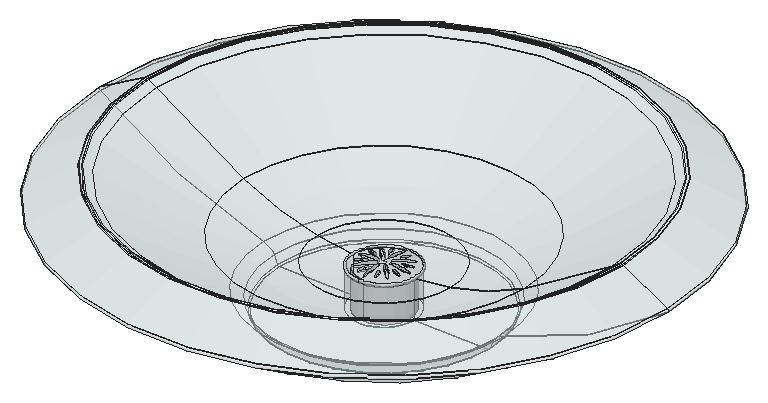
Revit family "Sink-Vessel-KOHLER-Pallene-K-14016_1", category Plumbing Fixtures, host Face, Revit 2015
Parameters (values of type "B11-Ice")
  Width = 18 7/8"  # constant formula
  Waste Water Outlet = "Waste Water Outlet"  # constant formula
  Waste Connection = 1 = 1  # yes
  Vent Connection = 1 = 0  # no
  URL = "https://www.us.kohler.com/us/"
  Product Page URL = "http://www.us.kohler.com/us/catalog/productDetails.jsp?productNumber=14016"
  Product Name = "Pallene"  # constant formula
  Product Documentation Link = "http://www.us.kohler.com/onlinecatalog/pdf/K-14016_spec.pdf"
  Model = "K-14016-B11"  # constant formula
  Material = "Glass"  # constant formula
  MasterFormat 2004 = "22.41.16"  # constant formula
  MasterFormat 1995 = "15410"  # constant formula
  Manufacturer Address = "444 Highland Dr, Kohler, WI 53044"  # constant formula
  Manufacturer = "KOHLER Co."  # constant formula
  Length = 18 7/8"  # constant formula
  Hot Water Inlet = "Hot Water Inlet"  # constant formula
  Height = 4 1/16"  # constant formula
  HW Connection = 1 = 0  # no
  Finish = Kohler-Glass-B11-Ice
  Environmental Product Declaration = ""
  Drain Included = 1 = 0  # no
  Description = "Vessel glass bathroom sink"  # constant formula
  Default Elevation = 34"
  Declare Label = ""
  Date Modified = "12/03/2018"  # constant formula
  Date Created = "12/03/2018"  # constant formula
  Copyright = "Copyright KOHLER Co."  # constant formula
  Contact Us = "https://www.us.kohler.com/us/static/contact.jsp"
  Cold Water Inlet = "Cold Water Inlet"  # constant formula
  CW Connection = 1 = 0  # no
  Assembly Code = "D2010400"
  ADA Compliant = 1 = 1  # yes
Reference planes (in)
  plane 1 "Center (Front/Back)": y = 0
  plane 2: z = 0
  plane 3 "Center (Left/Right)": x = 0
  plane 4: y = 9.4375
  plane 5: x = -9.4375
  plane 6: x = 9.4375
  plane 7: y = -9.4375
  plane 8: z = 4.0625
  plane 9: x = -7.875
  plane 10: x = 7.875
Dimensions and locks (in)
  "Width": plane 7 to plane 4
  "Length": plane 5 to plane 6
  "Height": plane 8 to level
  locked: plane 9 to plane 10 at 15.75
  aligned and locked: plane 2 to host face
  aligned and locked: level to host face
Automatic sketch dimensions
  host sketch curve to host sketch curve = 96"  (x2)
Nested families (in)
  nested 1: "K-14016" at (0, 0, 0), type "K-14016"
Connectors (in)
  piping at (0, 0, 0), diameter 1.25, driven by "Waste Connection", driven by "Waste Water Outlet"
    settings: on nested 1, index 1, connector inside diameter 24", connector length 0", flow factor 0, pipe flow 0 GPM, pressure drop 0.00 psi, fitting loss kfactor 0, connector angle 0.00°, fixture units 0, engagement length 0", angle of deflection 0.00°, flow configuration 0, flow direction 2, fitting loss method 0, system type 16, joint type 0, gender type 0, connector reference index -1, connector utility 1, adjustable connector no, is connector primary yes, connector description "Waste Water Outlet"
Definition of nested family "K-14016"
  Parameters (values of type "K-14016")
    Material = none
  Reference planes (in)
    plane 1 "Center (Front/Back)": y = 0
    plane 2: z = 0
    plane 3 "Center (Left/Right)": x = 0
    plane 4: x = -9.4375
    plane 5: x = 9.4375
    plane 6: y = 9.4375
    plane 7: y = -9.4375
    plane 8: z = 4.0625
    plane 9: z = 3.25
  Forms (in)
    Revolve 1, solid, material <- "Material", detail levels medium+fine
      sketch origin (0, 0, 0) x (1, 0, 0) y (0, 0, 1)
        loop
          arc (0, 1.17722) -> (-1.10853, 1.22838) -> (-2.20764, 1.38143) r 12.03481
          arc (-2.20764, 1.38143) -> (-3.45944, 1.70685) -> (-4.65374, 2.2034) r 9.26634
          arc (-4.65374, 2.2034) -> (-6.13081, 2.99739) -> (-7.55696, 3.87958) r 27.61526
          arc (-7.55696, 3.87958) -> (-7.68098, 3.96306) -> (-7.80362, 4.04855) r 9.17151
          arc (-7.80362, 4.04855) -> (-7.82442, 4.05893) -> (-7.84739, 4.0625) r 0.07566
          line (-7.84739, 4.0625) -> (-7.90761, 4.0625)
          arc (-7.90761, 4.0625) -> (-7.92385, 4.06051) -> (-7.93913, 4.05465) r 0.06724
          line (-7.93913, 4.05465) -> (-9.40037, 3.27899)
          arc (-9.40037, 3.27899) -> (-9.43624, 3.22426) -> (-9.40924, 3.16464) r 0.06792
          arc (-9.40924, 3.16464) -> (-6.83069, 1.60122) -> (-3.99738, 0.56896) r 15.43552
          arc (-3.99738, 0.56896) -> (-3.79408, 0.47551) -> (-3.63651, 0.31665) r 0.62725
          arc (-3.63651, 0.31665) -> (-3.56878, 0.1885) -> (-3.53228, 0.04822) r 0.62725
          arc (-3.53228, 0.04822) -> (-3.51359, 0.01374) -> (-3.47686, 0) r 0.05596
          line (-3.47686, 0) -> (0, 0) -> (0, 1.17722)
        axis (0, 0) -> (0, 4.0625)
      angle from 0 to 360
    Extrusion 2, void, detail levels medium+fine
      sketch origin (0, 0, 0) x (1, 0, 0) y (0, 1, 0)
        loop
          circle (0, 0) r 1.02697
      from 0 to 12
    Revolve 3, solid, detail levels medium+fine
      sketch origin (0, 0, 0) x (0, 1, 0) y (0, 0, 1)
        loop
          arc (0, 1.41) -> (-0.50588, 1.37875) -> (-1.00406, 1.2855) r 4.11115
          arc (-1.00406, 1.2855) -> (-1.06114, 1.26954) -> (-1.02697, 1.22111) r 0.03627
          line (-1.02697, 1.22111) -> (-0.85995, 1.22111) -> (-0.85995, 0) -> (0, 0) -> (0, 1.41)
        axis (0, 0) -> (0, 1.41)
      angle from 0 to 360
    Revolve 4, solid, material <- "Material", detail levels coarse
      sketch origin (0, 0, 0) x (1, 0, 0) y (0, 0, 1)
        loop
          line (0, 1.3125) -> (-7.90866, 1.3125) -> (-7.90866, 4.0625) -> (-9.4375, 4.0625) -> (-9.4375, 0.56896) -> (-3.47792, 0.56896) -> (-3.47792, 0) -> (0, 0) -> (0, 1.3125)
        axis (0, 0) -> (0, 4.0625)
      angle from 0 to 360
    Extrusion 5, void
      sketch origin (0, 0, 0) x (1, 0, 0) y (0, 1, 0)
        loop
          spline (0, -0.85285) -> (0.01494, -0.84171) -> (0.02886, -0.80907) -> (0.04082, -0.75715) -> (0.04999, -0.68949) -> (0.05576, -0.61069) -> (0.05772, -0.52613) -> (0.05576, -0.44156) -> (0.04999, -0.36276) -> (0.04082, -0.2951) -> (0.02886, -0.24318) -> (0.01494, -0.21054) -> (0, -0.1994)
          spline (0, -0.1994) -> (-0.01494, -0.21054) -> (-0.02886, -0.24318) -> (-0.04082, -0.2951) -> (-0.04999, -0.36276) -> (-0.05576, -0.44156) -> (-0.05772, -0.52613) -> (-0.05576, -0.61069) -> (-0.04999, -0.68949) -> (-0.04082, -0.75715) -> (-0.02886, -0.80907) -> (-0.01494, -0.84171) -> (0, -0.85285)
        loop
          spline (0.30317, -0.73192) -> (0.31096, -0.72286) -> (0.31409, -0.70444) -> (0.31235, -0.67792) -> (0.30585, -0.64512) -> (0.29503, -0.60825) -> (0.28065, -0.56985) -> (0.26366, -0.53252) -> (0.24525, -0.49881) -> (0.22664, -0.47102) -> (0.20913, -0.45104) -> (0.19389, -0.44022) -> (0.18197, -0.43932)
          spline (0.18197, -0.43932) -> (0.17418, -0.44839) -> (0.17105, -0.46681) -> (0.1728, -0.49332) -> (0.1793, -0.52613) -> (0.19011, -0.56299) -> (0.2045, -0.60139) -> (0.22148, -0.63872) -> (0.2399, -0.67243) -> (0.2585, -0.70022) -> (0.27602, -0.72021) -> (0.29125, -0.73102) -> (0.30317, -0.73192)
        loop
          spline (-0.60305, -0.60305) -> (-0.58462, -0.60575) -> (-0.55169, -0.59251) -> (-0.50653, -0.56425) -> (-0.45219, -0.52289) -> (-0.3924, -0.47125) -> (-0.33121, -0.41284) -> (-0.27281, -0.35166) -> (-0.22117, -0.29186) -> (-0.1798, -0.23753) -> (-0.15154, -0.19236) -> (-0.13831, -0.15944) -> (-0.141, -0.141)
          spline (-0.141, -0.141) -> (-0.15944, -0.13831) -> (-0.19236, -0.15154) -> (-0.23753, -0.1798) -> (-0.29186, -0.22117) -> (-0.35166, -0.27281) -> (-0.41284, -0.33121) -> (-0.47125, -0.3924) -> (-0.52289, -0.45219) -> (-0.56425, -0.50653) -> (-0.59251, -0.55169) -> (-0.60575, -0.58462) -> (-0.60305, -0.60305)
        loop
          spline (-0.85285, 0) -> (-0.84171, -0.01494) -> (-0.80907, -0.02886) -> (-0.75715, -0.04082) -> (-0.68949, -0.04999) -> (-0.61069, -0.05576) -> (-0.52613, -0.05772) -> (-0.44156, -0.05576) -> (-0.36276, -0.04999) -> (-0.2951, -0.04082) -> (-0.24318, -0.02886) -> (-0.21054, -0.01494) -> (-0.1994, 0)
          spline (-0.1994, 0) -> (-0.21054, 0.01494) -> (-0.24318, 0.02886) -> (-0.2951, 0.04082) -> (-0.36276, 0.04999) -> (-0.44156, 0.05576) -> (-0.52613, 0.05772) -> (-0.61069, 0.05576) -> (-0.68949, 0.04999) -> (-0.75715, 0.04082) -> (-0.80907, 0.02886) -> (-0.84171, 0.01494) -> (-0.85285, 0)
        loop
          spline (0.60305, -0.60305) -> (0.60575, -0.58462) -> (0.59251, -0.55169) -> (0.56425, -0.50653) -> (0.52289, -0.45219) -> (0.47125, -0.3924) -> (0.41284, -0.33121) -> (0.35166, -0.27281) -> (0.29186, -0.22117) -> (0.23753, -0.1798) -> (0.19236, -0.15154) -> (0.15944, -0.13831) -> (0.141, -0.141)
          spline (0.141, -0.141) -> (0.13831, -0.15944) -> (0.15154, -0.19236) -> (0.1798, -0.23753) -> (0.22117, -0.29186) -> (0.27281, -0.35166) -> (0.33121, -0.41284) -> (0.3924, -0.47125) -> (0.45219, -0.52289) -> (0.50653, -0.56425) -> (0.55169, -0.59251) -> (0.58462, -0.60575) -> (0.60305, -0.60305)
        loop
          spline (0.85285, 0) -> (0.84171, 0.01494) -> (0.80907, 0.02886) -> (0.75715, 0.04082) -> (0.68949, 0.04999) -> (0.61069, 0.05576) -> (0.52613, 0.05772) -> (0.44156, 0.05576) -> (0.36276, 0.04999) -> (0.2951, 0.04082) -> (0.24318, 0.02886) -> (0.21054, 0.01494) -> (0.1994, 0)
          spline (0.1994, 0) -> (0.21054, -0.01494) -> (0.24318, -0.02886) -> (0.2951, -0.04082) -> (0.36276, -0.04999) -> (0.44156, -0.05576) -> (0.52613, -0.05772) -> (0.61069, -0.05576) -> (0.68949, -0.04999) -> (0.75715, -0.04082) -> (0.80907, -0.02886) -> (0.84171, -0.01494) -> (0.85285, 0)
        loop
          spline (0, 0.85285) -> (-0.01494, 0.84171) -> (-0.02886, 0.80907) -> (-0.04082, 0.75715) -> (-0.04999, 0.68949) -> (-0.05576, 0.61069) -> (-0.05772, 0.52613) -> (-0.05576, 0.44156) -> (-0.04999, 0.36276) -> (-0.04082, 0.2951) -> (-0.02886, 0.24318) -> (-0.01494, 0.21054) -> (0, 0.1994)
          spline (0, 0.1994) -> (0.01494, 0.21054) -> (0.02886, 0.24318) -> (0.04082, 0.2951) -> (0.04999, 0.36276) -> (0.05576, 0.44156) -> (0.05772, 0.52613) -> (0.05576, 0.61069) -> (0.04999, 0.68949) -> (0.04082, 0.75715) -> (0.02886, 0.80907) -> (0.01494, 0.84171) -> (0, 0.85285)
        loop
          spline (-0.60305, 0.60305) -> (-0.60575, 0.58462) -> (-0.59251, 0.55169) -> (-0.56425, 0.50653) -> (-0.52289, 0.45219) -> (-0.47125, 0.3924) -> (-0.41284, 0.33121) -> (-0.35166, 0.27281) -> (-0.29186, 0.22117) -> (-0.23753, 0.1798) -> (-0.19236, 0.15154) -> (-0.15944, 0.13831) -> (-0.141, 0.141)
          spline (-0.141, 0.141) -> (-0.13831, 0.15944) -> (-0.15154, 0.19236) -> (-0.1798, 0.23753) -> (-0.22117, 0.29186) -> (-0.27281, 0.35166) -> (-0.33121, 0.41284) -> (-0.3924, 0.47125) -> (-0.45219, 0.52289) -> (-0.50653, 0.56425) -> (-0.55169, 0.59251) -> (-0.58462, 0.60575) -> (-0.60305, 0.60305)
        loop
          spline (0.60305, 0.60305) -> (0.58462, 0.60575) -> (0.55169, 0.59251) -> (0.50653, 0.56425) -> (0.45219, 0.52289) -> (0.3924, 0.47125) -> (0.33121, 0.41284) -> (0.27281, 0.35166) -> (0.22117, 0.29186) -> (0.1798, 0.23753) -> (0.15154, 0.19236) -> (0.13831, 0.15944) -> (0.141, 0.141)
          spline (0.141, 0.141) -> (0.15944, 0.13831) -> (0.19236, 0.15154) -> (0.23753, 0.1798) -> (0.29186, 0.22117) -> (0.35166, 0.27281) -> (0.41284, 0.33121) -> (0.47125, 0.3924) -> (0.52289, 0.45219) -> (0.56425, 0.50653) -> (0.59251, 0.55169) -> (0.60575, 0.58462) -> (0.60305, 0.60305)
        loop
          spline (-0.30317, -0.73192) -> (-0.29125, -0.73102) -> (-0.27602, -0.72021) -> (-0.2585, -0.70022) -> (-0.2399, -0.67243) -> (-0.22148, -0.63872) -> (-0.2045, -0.60139) -> (-0.19011, -0.56299) -> (-0.1793, -0.52613) -> (-0.1728, -0.49332) -> (-0.17105, -0.46681) -> (-0.17418, -0.44839) -> (-0.18197, -0.43932)
          spline (-0.18197, -0.43932) -> (-0.19389, -0.44022) -> (-0.20913, -0.45104) -> (-0.22664, -0.47102) -> (-0.24525, -0.49881) -> (-0.26366, -0.53252) -> (-0.28065, -0.56985) -> (-0.29503, -0.60825) -> (-0.30585, -0.64512) -> (-0.31235, -0.67792) -> (-0.31409, -0.70444) -> (-0.31096, -0.72286) -> (-0.30317, -0.73192)
        loop
          spline (0.73192, 0.30317) -> (0.72286, 0.31096) -> (0.70444, 0.31409) -> (0.67792, 0.31235) -> (0.64512, 0.30585) -> (0.60825, 0.29503) -> (0.56985, 0.28065) -> (0.53252, 0.26366) -> (0.49881, 0.24525) -> (0.47102, 0.22664) -> (0.45104, 0.20913) -> (0.44022, 0.19389) -> (0.43932, 0.18197)
          spline (0.43932, 0.18197) -> (0.44839, 0.17418) -> (0.46681, 0.17105) -> (0.49332, 0.1728) -> (0.52613, 0.1793) -> (0.56299, 0.19011) -> (0.60139, 0.2045) -> (0.63872, 0.22148) -> (0.67243, 0.2399) -> (0.70022, 0.2585) -> (0.72021, 0.27602) -> (0.73102, 0.29125) -> (0.73192, 0.30317)
        loop
          spline (0.73192, -0.30317) -> (0.73102, -0.29125) -> (0.72021, -0.27602) -> (0.70022, -0.2585) -> (0.67243, -0.2399) -> (0.63872, -0.22148) -> (0.60139, -0.2045) -> (0.56299, -0.19011) -> (0.52613, -0.1793) -> (0.49332, -0.1728) -> (0.46681, -0.17105) -> (0.44839, -0.17418) -> (0.43932, -0.18197)
          spline (0.43932, -0.18197) -> (0.44022, -0.19389) -> (0.45104, -0.20913) -> (0.47102, -0.22664) -> (0.49881, -0.24525) -> (0.53252, -0.26366) -> (0.56985, -0.28065) -> (0.60825, -0.29503) -> (0.64512, -0.30585) -> (0.67792, -0.31235) -> (0.70444, -0.31409) -> (0.72286, -0.31096) -> (0.73192, -0.30317)
        loop
          spline (-0.73192, 0.30317) -> (-0.73102, 0.29125) -> (-0.72021, 0.27602) -> (-0.70022, 0.2585) -> (-0.67243, 0.2399) -> (-0.63872, 0.22148) -> (-0.60139, 0.2045) -> (-0.56299, 0.19011) -> (-0.52613, 0.1793) -> (-0.49332, 0.1728) -> (-0.46681, 0.17105) -> (-0.44839, 0.17418) -> (-0.43932, 0.18197)
          spline (-0.43932, 0.18197) -> (-0.44022, 0.19389) -> (-0.45104, 0.20913) -> (-0.47102, 0.22664) -> (-0.49881, 0.24525) -> (-0.53252, 0.26366) -> (-0.56985, 0.28065) -> (-0.60825, 0.29503) -> (-0.64512, 0.30585) -> (-0.67792, 0.31235) -> (-0.70444, 0.31409) -> (-0.72286, 0.31096) -> (-0.73192, 0.30317)
        loop
          spline (-0.73192, -0.30317) -> (-0.72286, -0.31096) -> (-0.70444, -0.31409) -> (-0.67792, -0.31235) -> (-0.64512, -0.30585) -> (-0.60825, -0.29503) -> (-0.56985, -0.28065) -> (-0.53252, -0.26366) -> (-0.49881, -0.24525) -> (-0.47102, -0.22664) -> (-0.45104, -0.20913) -> (-0.44022, -0.19389) -> (-0.43932, -0.18197)
          spline (-0.43932, -0.18197) -> (-0.44839, -0.17418) -> (-0.46681, -0.17105) -> (-0.49332, -0.1728) -> (-0.52613, -0.1793) -> (-0.56299, -0.19011) -> (-0.60139, -0.2045) -> (-0.63872, -0.22148) -> (-0.67243, -0.2399) -> (-0.70022, -0.2585) -> (-0.72021, -0.27602) -> (-0.73102, -0.29125) -> (-0.73192, -0.30317)
        loop
          spline (0.30317, 0.73192) -> (0.29125, 0.73102) -> (0.27602, 0.72021) -> (0.2585, 0.70022) -> (0.2399, 0.67243) -> (0.22148, 0.63872) -> (0.2045, 0.60139) -> (0.19011, 0.56299) -> (0.1793, 0.52613) -> (0.1728, 0.49332) -> (0.17105, 0.46681) -> (0.17418, 0.44839) -> (0.18197, 0.43932)
          spline (0.18197, 0.43932) -> (0.19389, 0.44022) -> (0.20913, 0.45104) -> (0.22664, 0.47102) -> (0.24525, 0.49881) -> (0.26366, 0.53252) -> (0.28065, 0.56985) -> (0.29503, 0.60825) -> (0.30585, 0.64512) -> (0.31235, 0.67792) -> (0.31409, 0.70444) -> (0.31096, 0.72286) -> (0.30317, 0.73192)
        loop
          spline (-0.30317, 0.73192) -> (-0.31096, 0.72286) -> (-0.31409, 0.70444) -> (-0.31235, 0.67792) -> (-0.30585, 0.64512) -> (-0.29503, 0.60825) -> (-0.28065, 0.56985) -> (-0.26366, 0.53252) -> (-0.24525, 0.49881) -> (-0.22664, 0.47102) -> (-0.20913, 0.45104) -> (-0.19389, 0.44022) -> (-0.18197, 0.43932)
          spline (-0.18197, 0.43932) -> (-0.17418, 0.44839) -> (-0.17105, 0.46681) -> (-0.1728, 0.49332) -> (-0.1793, 0.52613) -> (-0.19011, 0.56299) -> (-0.2045, 0.60139) -> (-0.22148, 0.63872) -> (-0.2399, 0.67243) -> (-0.2585, 0.70022) -> (-0.27602, 0.72021) -> (-0.29125, 0.73102) -> (-0.30317, 0.73192)
      from 1.30961 to 1.45509
  Cuts and joins
    Extrusion 2 cuts Revolve 1
    Extrusion 5 cuts Revolve 3
  Lines and regions (in)
    Masking region 1
      outline origin (0, 0, 0) x (1, 0, 0) y (0, 0, 1)
        loop
          arc (-7.95742, 4.0625) -> (-7.97366, 4.06051) -> (-7.98894, 4.05465) r 0.06724
          line (-7.98894, 4.05465) -> (-9.40143, 3.30487)
          arc (-9.40143, 3.30487) -> (-9.42649, 3.28205) -> (-9.4375, 3.25) r 0.06833
          arc (-9.4375, 3.25) -> (-9.43148, 3.2168) -> (-9.4103, 3.19052) r 0.06834
          arc (-9.4103, 3.19052) -> (-6.83045, 1.61946) -> (-3.99844, 0.56896) r 15.77332
          arc (-3.99844, 0.56896) -> (-3.79513, 0.47551) -> (-3.63757, 0.31665) r 0.62725
          arc (-3.63757, 0.31665) -> (-3.56984, 0.1885) -> (-3.53334, 0.04822) r 0.62725
          arc (-3.53334, 0.04822) -> (-3.51465, 0.01374) -> (-3.47792, 0) r 0.05596
          line (-3.47792, 0) -> (-0.00106, 0) -> (3.47792, 0)
          arc (3.47792, 0) -> (3.51465, 0.01374) -> (3.53334, 0.04822) r 0.05596
          arc (3.53334, 0.04822) -> (3.56984, 0.1885) -> (3.63757, 0.31665) r 0.62725
          arc (3.63757, 0.31665) -> (3.79513, 0.47551) -> (3.99844, 0.56896) r 0.62725
          arc (3.99844, 0.56896) -> (6.83045, 1.61946) -> (9.4103, 3.19052) r 15.77332
          arc (9.4103, 3.19052) -> (9.43148, 3.2168) -> (9.4375, 3.25) r 0.06834
          arc (9.4375, 3.25) -> (9.42664, 3.28215) -> (9.40143, 3.30487) r 0.06708
          line (9.40143, 3.30487) -> (7.98894, 4.05465)
          arc (7.98894, 4.05465) -> (7.97366, 4.06051) -> (7.95742, 4.0625) r 0.06724
          line (7.95742, 4.0625) -> (0, 4.0625) -> (-7.95742, 4.0625)
    Masking region 2
      outline origin (0, 0, 0) x (0, 1, 0) y (0, 0, 1)
        loop
          line (7.95742, 4.0625) -> (0, 4.0625) -> (-7.95742, 4.0625)
          arc (-7.95742, 4.0625) -> (-7.97366, 4.06051) -> (-7.98894, 4.05465) r 0.06724
          line (-7.98894, 4.05465) -> (-9.40143, 3.30487)
          arc (-9.40143, 3.30487) -> (-9.42664, 3.28215) -> (-9.4375, 3.25) r 0.06708
          arc (-9.4375, 3.25) -> (-9.43148, 3.2168) -> (-9.4103, 3.19052) r 0.06834
          arc (-9.4103, 3.19052) -> (-6.83045, 1.61946) -> (-3.99844, 0.56896) r 15.77332
          arc (-3.99844, 0.56896) -> (-3.79513, 0.47551) -> (-3.63757, 0.31665) r 0.62725
          arc (-3.63757, 0.31665) -> (-3.56984, 0.1885) -> (-3.53334, 0.04822) r 0.62725
          arc (-3.53334, 0.04822) -> (-3.51465, 0.01374) -> (-3.47792, 0) r 0.05596
          line (-3.47792, 0) -> (0.00106, 0) -> (3.47792, 0)
          arc (3.47792, 0) -> (3.51465, 0.01374) -> (3.53334, 0.04822) r 0.05596
          arc (3.53334, 0.04822) -> (3.56984, 0.1885) -> (3.63757, 0.31665) r 0.62725
          arc (3.63757, 0.31665) -> (3.79513, 0.47551) -> (3.99844, 0.56896) r 0.62725
          arc (3.99844, 0.56896) -> (6.83045, 1.61946) -> (9.4103, 3.19052) r 15.77332
          arc (9.4103, 3.19052) -> (9.43148, 3.2168) -> (9.4375, 3.25) r 0.06834
          arc (9.4375, 3.25) -> (9.42649, 3.28205) -> (9.40143, 3.30487) r 0.06833
          line (9.40143, 3.30487) -> (7.98894, 4.05465)
          arc (7.98894, 4.05465) -> (7.97366, 4.06051) -> (7.95742, 4.0625) r 0.06724
    Masking region 3
      outline origin (0, 0, 0) x (1, 0, 0) y (0, 1, 0)
        loop
          arc (-9.4375, 0) -> (-6.67332, -6.67332) -> (0, -9.4375) r 9.4375
          arc (0, -9.4375) -> (6.67332, -6.67332) -> (9.4375, 0) r 9.4375
          arc (9.4375, 0) -> (6.67332, 6.67332) -> (0, 9.4375) r 9.4375
          arc (0, 9.4375) -> (-6.67332, 6.67332) -> (-9.4375, 0) r 9.4375
    symbolic lines, detail levels medium+fine
      curve 1: line (-3.99844, 0, 0.56896) -> (3.99844, 0, 0.56896)
      curve 2: line (-9.4375, 0, 3.25) -> (9.4375, 0, 3.25)
      curve 3: line (0, 9.4375, 3.25) -> (0, -9.4375, 3.25)
      curve 4: circle (0, 0, 0) r 7.875 normal (0, 0, 1)
      curve 5: circle (0, 0, 0) r 1.06782 normal (0, 0, 1)
      curve 6: circle (0, 0, 0) r 0.67802 normal (0, 0, 1)
      curve 7: circle (0, 0, 0) r 0.45392 normal (0, 0, 1)
      curve 8: line (0, 3.99844, 0.56896) -> (0, -3.99844, 0.56896)
  Dimensions and locks (in)
    plane 4 to plane 3 "Center (Left/Right)" = 9 7/16"
    plane 6 to plane 1 "Center (Front/Back)" = 9 7/16"
    plane 8 to level = 4 1/16"
    plane 9 to level = 3 1/4"
    aligned and locked: plane 2 to level
